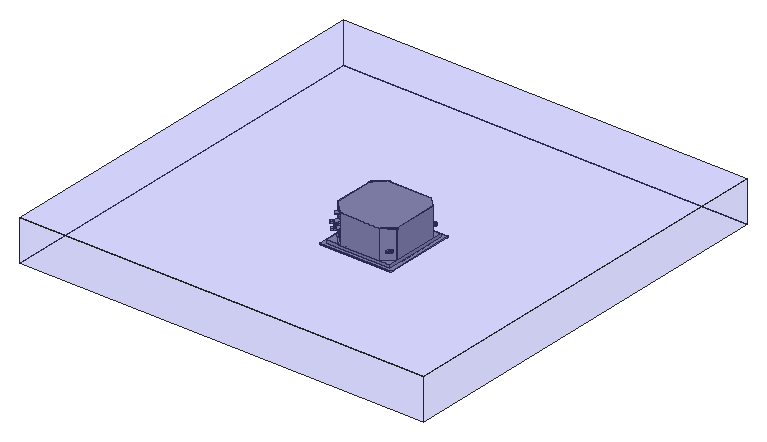
Revit family "SYSIMPLE FCC30A", category Оборудование, Revit 2019 (continued)
Automatic sketch dimensions
  profile plane to Sweep 25 sketch curve = 0 mm  (x2)
  Sweep 25 sketch curve to profile plane = 0 mm
  profile plane to Sweep 25 sketch curve = 1.5 mm
  profile plane to Sweep 25 sketch curve = 6 mm
  Sweep 26 sketch curve to profile plane = 0 mm  (x3)
  profile plane to Sweep 26 sketch curve = 1.5 mm
  profile plane to Sweep 26 sketch curve = 6 mm
  profile plane to Sweep 27 sketch curve = 0 mm
  profile plane to Sweep 27 sketch curve = 1.5 mm  (x2)
  Sweep 27 sketch curve to profile plane = 2 mm
  profile plane to Sweep 28 sketch curve = 0 mm
  Sweep 28 sketch curve to profile plane = 1.5 mm
  profile plane to Sweep 28 sketch curve = 2 mm
  Sweep 28 sketch curve to Sweep 28 sketch curve = 1.5 mm
  level to Extrusion 29 sketch curve = 84.5 mm
  Extrusion 29 sketch curve to Extrusion 29 sketch curve = 50 mm
  Extrusion 29 sketch curve to Extrusion 29 sketch curve = 21 mm
  Extrusion 29 to Extrusion 30 sketch curve = 0 mm  (x3)
  Extrusion 30 sketch curve to Extrusion 29 = 0.001 mm  (x2)
  Extrusion 30 sketch curve to Extrusion 30 sketch curve = 12.5 mm
  Extrusion 30 sketch curve to Extrusion 30 sketch curve = 0.001 mm  (x3)
  Extrusion 30 sketch curve to Extrusion 29 = 5.749 mm
  Extrusion 30 sketch curve to Extrusion 30 sketch curve = 0.499 mm
  Extrusion 30 sketch curve to Extrusion 30 sketch curve = 0.5 mm  (x3)
  Extrusion 30 sketch curve to Extrusion 30 sketch curve = 4.5 mm  (x2)
  Extrusion 30 sketch curve to Extrusion 30 sketch curve = 0 mm  (x4)
  Extrusion 30 sketch curve to Extrusion 30 sketch curve = 1 mm  (x7)
  Extrusion 30 sketch curve to Extrusion 30 sketch curve = 6 mm  (x4)
  Extrusion 30 sketch curve to Extrusion 30 sketch curve = 13 mm
  Extrusion 30 sketch curve to Extrusion 29 = 5.748 mm
  Extrusion 30 sketch curve to Extrusion 30 sketch curve = 4.499 mm
  Extrusion 30 sketch curve to Extrusion 30 sketch curve = 1.001 mm
  Sweep 31 sketch curve to profile plane = 0 mm  (x2)
  Sweep 31 sketch curve to Sweep 31 sketch curve = 1.5 mm
  Sweep 32 sketch curve to profile plane = 0 mm  (x3)
  Sweep 32 sketch curve to Sweep 32 sketch curve = 1.5 mm
  profile plane to Sweep 32 sketch curve = 6 mm
  profile plane to Sweep 33 sketch curve = 0 mm  (x2)
  Sweep 33 sketch curve to profile plane = 0 mm
  Sweep 33 sketch curve to Sweep 33 sketch curve = 1.5 mm
  profile plane to Sweep 33 sketch curve = 6 mm
  Sweep 34 sketch curve to profile plane = 0 mm
  Sweep 34 sketch curve to profile plane = 2 mm
  profile plane to Sweep 34 sketch curve = 1.5 mm
  Sweep 34 sketch curve to profile plane = 1.5 mm
  profile plane to Sweep 35 sketch curve = 0 mm
  Sweep 35 sketch curve to Sweep 35 sketch curve = 1.5 mm
  profile plane to Sweep 35 sketch curve = 1.5 mm
  Sweep 35 sketch curve to profile plane = 2 mm
  level to Extrusion 36 sketch curve = 84.5 mm
  Extrusion 36 sketch curve to Extrusion 36 sketch curve = 50 mm
  Extrusion 36 sketch curve to Extrusion 36 sketch curve = 21 mm
  Extrusion 36 to Extrusion 37 sketch curve = 0 mm
  Extrusion 37 sketch curve to Extrusion 36 = 0 mm  (x2)
  Extrusion 37 sketch curve to Extrusion 36 = 0.001 mm  (x2)
  Extrusion 37 sketch curve to Extrusion 37 sketch curve = 12.5 mm
  Extrusion 37 sketch curve to Extrusion 37 sketch curve = 0.001 mm  (x3)
  Extrusion 37 sketch curve to Extrusion 36 = 5.749 mm
  Extrusion 37 sketch curve to Extrusion 37 sketch curve = 0.499 mm
  Extrusion 37 sketch curve to Extrusion 37 sketch curve = 0.5 mm  (x3)
  Extrusion 37 sketch curve to Extrusion 37 sketch curve = 4.5 mm  (x2)
  Extrusion 37 sketch curve to Extrusion 37 sketch curve = 0 mm  (x4)
  Extrusion 37 sketch curve to Extrusion 37 sketch curve = 1 mm  (x7)
  Extrusion 37 sketch curve to Extrusion 37 sketch curve = 6 mm  (x4)
  Extrusion 37 sketch curve to Extrusion 37 sketch curve = 13 mm
  Extrusion 37 sketch curve to Extrusion 36 = 5.748 mm
  Extrusion 37 sketch curve to Extrusion 37 sketch curve = 4.499 mm
  Extrusion 37 sketch curve to Extrusion 37 sketch curve = 1.001 mm
  profile plane to Sweep 38 sketch curve = 0 mm
  Sweep 38 sketch curve to profile plane = 0 mm
  Sweep 38 sketch curve to Sweep 38 sketch curve = 1.5 mm
  Sweep 39 sketch curve to profile plane = 0 mm  (x3)
  profile plane to Sweep 39 sketch curve = 1.5 mm
  profile plane to Sweep 39 sketch curve = 6 mm
  profile plane to Sweep 40 sketch curve = 0 mm  (x2)
  Sweep 40 sketch curve to profile plane = 0 mm
  profile plane to Sweep 40 sketch curve = 1.5 mm
  profile plane to Sweep 40 sketch curve = 6 mm
  profile plane to Sweep 41 sketch curve = 0 mm
  Sweep 41 sketch curve to profile plane = 1.5 mm  (x2)
  profile plane to Sweep 41 sketch curve = 2 mm
  profile plane to Sweep 42 sketch curve = 0 mm
  Sweep 42 sketch curve to profile plane = 2 mm
  profile plane to Sweep 42 sketch curve = 1.5 mm
  Sweep 42 sketch curve to Sweep 42 sketch curve = 1.5 mm
  plane 1 "中心(前/后)" to Extrusion 43 sketch curve = 260.763 mm
  Extrusion 43 sketch curve to plane 1 "中心(前/后)" = 311.6 mm
  plane 3 "中心(左/右)" to Extrusion 43 sketch curve = 209.925 mm
  Extrusion 43 sketch curve to plane 3 "中心(左/右)" = 363.341 mm
  SweptBlend 44 sketch curve to plane 1 "中心(前/后)" = 25.419 mm
  SweptBlend 44 sketch curve to level = 55 mm
  SweptBlend 44 sketch curve to SweptBlend 44 sketch curve = 26.5 mm
  SweptBlend 44 sketch curve to profile plane = 325 mm
  SweptBlend 44 sketch curve to SweptBlend 44 sketch curve = 15 mm  (x3)
  profile plane to SweptBlend 44 sketch curve = 310 mm  (x2)
  profile plane to SweptBlend 44 sketch curve = 325 mm
  SweptBlend 44 sketch curve to profile plane = 310 mm
  SweptBlend 44 sketch curve to profile plane = 209.192 mm
  SweptBlend 44 sketch curve to SweptBlend 44 sketch curve = 12.186 mm
  SweptBlend 44 sketch curve to SweptBlend 44 sketch curve = 12.192 mm
  profile plane to SweptBlend 44 sketch curve = 196.992 mm  (x2)
  SweptBlend 44 sketch curve to SweptBlend 44 sketch curve = 12.2 mm
  profile plane to SweptBlend 44 sketch curve = 209.192 mm
  SweptBlend 44 sketch curve to profile plane = 196.986 mm
  Extrusion 45 sketch curve to Extrusion 43 = 23.819 mm  (x2)
  Extrusion 45 sketch curve to Extrusion 43 = 38.367 mm
  Extrusion 45 sketch curve to Extrusion 45 sketch curve = 15 mm  (x3)
  Extrusion 45 sketch curve to Extrusion 43 = 23.367 mm  (x2)
  profile plane to Sweep 46 sketch curve = 0 mm
  Sweep 46 sketch curve to profile plane = 0 mm
  profile plane to Sweep 46 sketch curve = 10 mm
  profile plane to Sweep 46 sketch curve = 13.588 mm
  Sweep 46 sketch curve to profile plane = 14.676 mm
  Extrusion 47 sketch curve to Sweep 46 = 2.2 mm
  Extrusion 47 sketch curve to Sweep 46 = 2.186 mm
  Extrusion 48 sketch curve to Extrusion 47 = 34.186 mm  (x2)
  Extrusion 48 sketch curve to Extrusion 48 sketch curve = 0 mm  (x65)
  Extrusion 48 sketch curve to Extrusion 47 = 6.392 mm  (x3)
  Extrusion 48 sketch curve to Extrusion 48 sketch curve = 42.4 mm
  Extrusion 48 sketch curve to Extrusion 48 sketch curve = 1.8 mm  (x5)
  Extrusion 48 sketch curve to Extrusion 47 = 5.892 mm
  Extrusion 48 sketch curve to Extrusion 48 sketch curve = 60 mm
  Extrusion 48 sketch curve to Extrusion 48 sketch curve = 2 mm  (x35)
  Extrusion 48 sketch curve to Extrusion 48 sketch curve = 19 mm  (x2)
  Extrusion 48 sketch curve to Extrusion 47 = 99.192 mm
  Extrusion 48 sketch curve to Extrusion 47 = 36.492 mm
  Extrusion 48 sketch curve to Extrusion 47 = 96.192 mm
  Extrusion 48 sketch curve to Extrusion 47 = 34.192 mm  (x2)
  Extrusion 48 sketch curve to Extrusion 48 sketch curve = 13 mm  (x2)
  Extrusion 48 sketch curve to Extrusion 47 = 31.192 mm
  Extrusion 48 sketch curve to Extrusion 48 sketch curve = 4 mm  (x33)
  Extrusion 49 sketch curve to SweptBlend 44 = 41 mm
  Extrusion 49 sketch curve to SweptBlend 44 = 69.559 mm
  Extrusion 49 sketch curve to Extrusion 49 sketch curve = 9.5 mm
  Extrusion 49 sketch curve to Extrusion 49 sketch curve = 1.971 mm  (x2)
  Extrusion 49 sketch curve to SweptBlend 44 = 45.807 mm
  Extrusion 49 sketch curve to Extrusion 49 sketch curve = 327.059 mm
  Extrusion 49 sketch curve to Extrusion 49 sketch curve = 11.471 mm
  Extrusion 50 sketch curve to SweptBlend 44 = 42 mm
  SweptBlend 44 to Extrusion 50 sketch curve = 68.872 mm
  Extrusion 50 sketch curve to Extrusion 50 sketch curve = 9.5 mm
  Extrusion 50 sketch curve to SweptBlend 44 = 44.802 mm
  Extrusion 50 sketch curve to Extrusion 50 sketch curve = 329.029 mm
  Extrusion 50 sketch curve to Extrusion 50 sketch curve = 1.971 mm
  Extrusion 50 sketch curve to Extrusion 50 sketch curve = 11.471 mm
  Extrusion 50 sketch curve to Extrusion 50 sketch curve = 11.3 mm
  Extrusion 51 sketch curve to SweptBlend 44 = 42 mm
  SweptBlend 44 to Extrusion 51 sketch curve = 68.872 mm
  Extrusion 51 sketch curve to Extrusion 51 sketch curve = 9.5 mm
  Extrusion 51 sketch curve to SweptBlend 44 = 44.802 mm
  Extrusion 51 sketch curve to Extrusion 51 sketch curve = 329.029 mm
  Extrusion 51 sketch curve to Extrusion 51 sketch curve = 1.971 mm
  Extrusion 51 sketch curve to Extrusion 51 sketch curve = 11.471 mm
  Extrusion 51 sketch curve to Extrusion 51 sketch curve = 11.3 mm
  Extrusion 52 sketch curve to SweptBlend 44 = 42 mm
  SweptBlend 44 to Extrusion 52 sketch curve = 68.867 mm
  Extrusion 52 sketch curve to Extrusion 52 sketch curve = 9.5 mm  (x2)
  Extrusion 52 sketch curve to SweptBlend 44 = 33.502 mm
  Extrusion 52 sketch curve to Extrusion 52 sketch curve = 331 mm
  Extrusion 52 sketch curve to Extrusion 52 sketch curve = 11.3 mm  (x2)
  profile plane to Sweep 53 sketch curve = 0 mm
  profile plane to Sweep 53 sketch curve = 31.595 mm
  profile plane to Sweep 53 sketch curve = 1.995 mm
  Sweep 53 sketch curve to Sweep 53 sketch curve = 2 mm
  Sweep 54 sketch curve to profile plane = 0 mm
  profile plane to Sweep 54 sketch curve = 31.6 mm
  profile plane to Sweep 54 sketch curve = 2 mm
  Sweep 54 sketch curve to Sweep 54 sketch curve = 2 mm
  profile plane to Sweep 55 sketch curve = 0 mm
  profile plane to Sweep 55 sketch curve = 31.6 mm
  profile plane to Sweep 55 sketch curve = 2 mm
  Sweep 55 sketch curve to Sweep 55 sketch curve = 2 mm
  profile plane to Sweep 56 sketch curve = 0 mm
  profile plane to Sweep 56 sketch curve = 31.6 mm
  profile plane to Sweep 56 sketch curve = 2 mm
  Sweep 56 sketch curve to Sweep 56 sketch curve = 2 mm
  curve 53 to curve 51 = 185 mm
  curve 52 to curve 51 = 185 mm
  curve 52 to curve 50 = 15 mm  (x2)
  curve 53 to curve 50 = 15 mm
  curve 52 to curve 51 = 15 mm
  curve 53 to curve 51 = 285 mm
  curve 53 to curve 50 = 285 mm
  Sweep 58 sketch curve to Extrusion 47 = 0.441 mm
  Extrusion 47 to Sweep 58 sketch curve = 16.077 mm
  Extrusion 47 to Sweep 58 sketch curve = 11.902 mm
  Sweep 58 sketch curve to Sweep 58 sketch curve = 12.343 mm
  Sweep 58 sketch curve to profile plane = 6.905 mm  (x2)
  profile plane to Sweep 58 sketch curve = 108.817 mm
  Sweep 58 sketch curve to Sweep 58 sketch curve = 16.549 mm
  Extrusion 59 sketch curve to Extrusion 59 sketch curve = 5 mm  (x3)
  Extrusion 59 sketch curve to Extrusion 59 sketch curve = 10 mm  (x2)
  Extrusion 59 sketch curve to Extrusion 59 sketch curve = 8.66 mm  (x3)
  Extrusion 60 sketch curve to Extrusion 59 = 8.66 mm  (x2)
  Extrusion 61 sketch curve to Extrusion 61 sketch curve = 12.124 mm  (x3)
  Extrusion 61 sketch curve to Extrusion 61 sketch curve = 7 mm  (x3)
  Extrusion 61 sketch curve to Extrusion 61 sketch curve = 14 mm  (x2)
  radius of Extrusion 7 sketch curve = 12.5 mm
  radius of Extrusion 8 sketch curve = 12.5 mm
  radius of Extrusion 10 sketch curve = 4.5 mm
  radius of Extrusion 12 sketch curve = 27.5 mm
  radius of Extrusion 13 sketch curve to Extrusion 12 = 14.5 mm
  radius of Extrusion 13 sketch curve to Extrusion 12 = 17 mm
  radius of Extrusion 14 sketch curve = 10 mm
  radius of Extrusion 47 sketch curve to Sweep 46 = 0 mm  (x2)
  radius of Sweep 58 sketch curve = 2 mm  (x2)
  radius of Extrusion 60 sketch curve = 4.5 mm
Nested families
  nested 1: "36" at (-76.708, 25.419, 0), visible <- "Service Area", f <- "Front clearance(mm)", rear <- "Rear clearance(mm)", t <- "Top clearance(mm)", l <- "Left Side clearance(wall side mm)", r <- "Right Side clearance(wall side mm)", type "36"
    with t 50 mm, rear 1500 mm, r 1500 mm, l 1500 mm, f 1500 mm
Connectors
  piping at (-325.107, -217.622, 216.095), diameter 20
    settings: on Extrusion 13, index 1, connector inside diameter 609.6 mm, connector length 0 mm, flow factor 0, pipe flow 0.0 L/s, pressure drop 0.0 Pa, fitting loss kfactor 0, connector angle 0.00°, fixture units 0, engagement length 0 mm, angle of deflection 0.00°, flow configuration 0, flow direction 0, fitting loss method 0, system type 29, joint type 0, gender type 0, connector reference index -1, connector utility 0, adjustable connector no, is connector primary yes, connector description ""
  piping at (-319.912, -269.49, 111), diameter 20
    settings: on Extrusion 11, index 3, connector inside diameter 609.6 mm, connector length 0 mm, flow factor 0, pipe flow 0.0 L/s, pressure drop 0.0 Pa, fitting loss kfactor 0, connector angle 0.00°, fixture units 0, engagement length 0 mm, angle of deflection 0.00°, flow configuration 0, flow direction 0, fitting loss method 0, system type 29, joint type 0, gender type 0, connector reference index -1, connector utility 0, adjustable connector no, is connector primary no, connector description ""
  electrical at (-282.919, -207.075, 70.366)
    settings: on Sweep 58, index 4, voltage 0 V, apparent load 0 VA, apparent load phase1 0 VA, apparent load phase2 0 VA, apparent load phase3 0 VA, power factor 1, load classification "其他", number of poles 1, system type 13, power factor state 1, is connector primary yes, connector utility no, sub classification motor no, connector description ""
  electrical at (-282.919, -207.075, 53.817)
    settings: on Sweep 58, index 5, voltage 220 V, apparent load 0 VA, apparent load phase1 0 VA, apparent load phase2 0 VA, apparent load phase3 0 VA, power factor 1, load classification "Other", number of poles 1, system type 31, power factor state 1, is connector primary no, connector utility no, sub classification motor no, connector description ""
  piping at (-346.78, -242.618, 146), diameter 20
    settings: on Extrusion 61, index 6, connector inside diameter 609.6 mm, connector length 0 mm, flow factor 0, pipe flow 0.0 L/s, pressure drop 0.0 Pa, fitting loss kfactor 0, connector angle 0.00°, fixture units 0, engagement length 0 mm, angle of deflection 0.00°, flow configuration 0, flow direction 0, fitting loss method 0, system type 29, joint type 0, gender type 0, connector reference index -1, connector utility 0, adjustable connector no, is connector primary no, connector description ""
Definition of nested family "36"
  Parameters (values of type "36")
    t [instance] = 840.541 mm
    rear [instance] = 600.42 mm
    r [instance] = 1052 mm
    l [instance] = 880 mm
    f [instance] = 769.715 mm
  Reference planes
    plane 1 "中心(前/后)": y = 0
    plane 2: z = 0
    plane 3 "中心(左/右)": x = 0
    plane 4: x = -1205
    plane 5: x = 1377
    plane 6: x = -325
    plane 7: x = 325
    plane 8: y = 325
    plane 9: y = -325
    plane 10: y = 1094.715
    plane 11: y = -925.42
    plane 12: z = 260
    plane 13: z = 1100.541
  Forms (mm)
    Extrusion 1, solid
      sketch origin (0, 0, 0) x (1, 0, 0) y (0, 1, 0)
        loop
          line (-1205, 1094.715) -> (-1205, -925.42) -> (1377, -925.42) -> (1377, 1094.715) -> (-1205, 1094.715)
      from -60 to 1100.541
  Dimensions and locks
    plane 6 to plane 3 "中心(左/右)" to plane 7 = 325 mm locked, 325 mm locked
    plane 9 to plane 1 "中心(前/后)" to plane 8 = 325 mm locked, 325 mm locked
    "l": plane 4 to plane 6
    "r": plane 7 to plane 5
    "f": plane 8 to plane 10
    "rear": plane 11 to plane 9
    locked: plane 12 to plane 2 at 260
    "t": plane 13 to plane 12
    aligned and locked: level to plane 2
    aligned and locked: Extrusion 1 to plane 13
    aligned and locked: Extrusion 1 sketch curve to plane 10
    aligned and locked: plane 4 to Extrusion 1 sketch curve
    aligned and locked: plane 11 to Extrusion 1 sketch curve
    aligned and locked: Extrusion 1 sketch curve to plane 5
